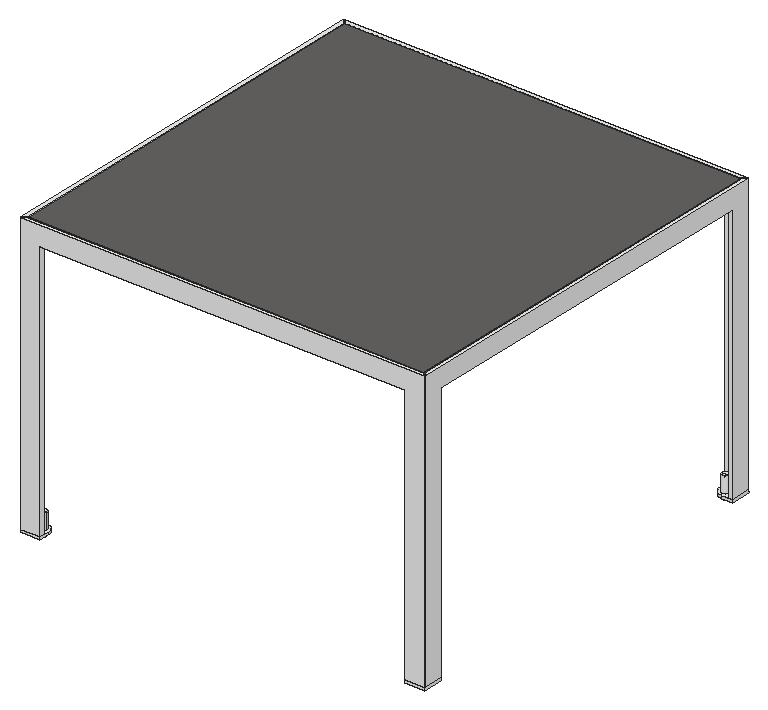
Revit family "Table-Multi_Use-Teknion-PRBK-R2014", category Furniture, Revit 2014
Parameters (values of type "(See Type Catalog)")
  Width = 3' - 5"
  Warranty = "http://www.teknionstudio.com/pdfs/Teknion%20Studio%20Warranty.pdf"
  Unit Weight = 0.00 lbf
  URL = "www.teknionstudio.com"
  Table Top Finish = Veneer - Teknion - P7 - Grey Oak
  Series = "B&B Italia"
  Product Page URL = "http://www.teknionstudio.com/progetto1/"
  Product Line = "Progetto"
  Product Documentation Link = "http://www.teknionstudio.com/pricing/progetto_ppg.pdf"
  Part Number = "PRBK"
  Model = ""
  Manufacturer Phone = "919-464-2920"
  Manufacturer Fax = "919-464-2927"
  Manufacturer Email = "customersupport@teknionstudio.com"
  Manufacturer Address = "3941 US 70 Business HWY West, Clayton, NC 27520"
  Manufacturer = "StudioTK"  # constant formula
  Low Emitting Material = yes
  Low Emitting Finish = yes
  Interior Frame Finish = none
  Height = 2' - 5"
  Foot Offset = if(Adjustable Foot, 0' 0 5/8", 0' 0 1/4")  # 0' - 0 5/8"
  Fixed Foot = not(Adjustable Foot)  # no
  Exterior Frame Finish = Metal - Teknion - C6 - Chrome
  Description = ""
  Depth = 3' - 5"
  Assembly Code = "E2020200"
  Adjustable Foot = yes
Reference planes (in)
  plane 1 "Center F/B": y = 0
  plane 2: z = 0
  plane 3 "Center L/R": x = 0
  plane 4 "Left": x = -20.5
  plane 5 "Right": x = 20.5
  plane 6 "Back": y = 20.5
  plane 7 "Front": y = -20.5
  plane 8 "Top": z = 28.93719
  plane 9: z = 0.625
  plane 10 "Revolve Front": y = -19.22842
  plane 11 "Revolve Back": y = 19.22842
Forms (in)
  Sweep 1, solid, material "Veneer - Teknion - P7 - Grey Oak" <- "Table Top Finish"
    path origin (0, 0, 28.93719) x (-1, 0, 0) y (0, -1, 0)
      loop
        line (20.09858, 0) -> (-20.09858, 0)
    profile origin (0, 0, 28.93719) x (0, 1, 0) y (0, 0, 1)
      loop
        line (20.09858, 0) -> (-20.09858, 0) -> (-20.09858, -0.40625) -> (20.09858, -0.40625) -> (20.09858, 0)
  Sweep 2, solid, material "Metal - Teknion - C6 - Chrome" <- "Exterior Frame Finish"
    path origin (0, 0, 0) x (1, 0, 0) y (0, 0, 1)
      loop
        line (0, 28.93719) -> (0, 0.625)
    profile origin (0, 0, 14.7811) x (0, -1, 0) y (1, 0, 0)
      loop
        line (-18.47933, -20.09858) -> (-20.0003, -20.09858) -> (-20.40171, -20.5) -> (-18.47933, -20.5) -> (-18.47933, -20.09858)
      loop
        line (-20.09858, -20.0003) -> (-20.09858, -18.47933) -> (-20.5, -18.47933) -> (-20.5, -20.40171) -> (-20.09858, -20.0003)
      loop
        line (-18.47933, 20.09858) -> (-18.47933, 20.5) -> (-20.40171, 20.5) -> (-20.0003, 20.09858) -> (-18.47933, 20.09858)
      loop
        line (-20.09858, 20.0003) -> (-20.5, 20.40171) -> (-20.5, 18.47933) -> (-20.09858, 18.47933) -> (-20.09858, 20.0003)
      loop
        line (18.47933, 20.09858) -> (20.0003, 20.09858) -> (20.40171, 20.5) -> (18.47933, 20.5) -> (18.47933, 20.09858)
      loop
        line (20.09858, 20.0003) -> (20.09858, 18.47933) -> (20.5, 18.47933) -> (20.5, 20.40171) -> (20.09858, 20.0003)
      loop
        line (18.47933, -20.09858) -> (18.47933, -20.5) -> (20.40171, -20.5) -> (20.0003, -20.09858) -> (18.47933, -20.09858)
      loop
        line (20.09858, -20.0003) -> (20.5, -20.40171) -> (20.5, -18.47933) -> (20.09858, -18.47933) -> (20.09858, -20.0003)
  Sweep 3, solid, material "Metal - Teknion - C6 - Chrome" <- "Exterior Frame Finish"
    path origin (0, 0, 28.93719) x (-1, 0, 0) y (0, -1, 0)
      loop
        line (0, 18.47933) -> (0, -18.47933)
    profile origin (0, 0, 28.93719) x (-1, 0, 0) y (0, 0, 1)
      loop
        line (20.5, 0) -> (20.09858, 0) -> (20.09858, -1.9685) -> (20.5, -1.9685) -> (20.5, 0)
      loop
        line (-20.5, 0) -> (-20.5, -1.9685) -> (-20.09858, -1.9685) -> (-20.09858, 0) -> (-20.5, 0)
  Sweep 4, solid, material "Metal - Teknion - C6 - Chrome" <- "Exterior Frame Finish", visible <- "Adjustable Foot"
    path origin (0, 0, 0) x (1, 0, 0) y (0, 0, 1)
      loop
        line (0, 0.376) -> (0, 0.625)
    profile origin (0, 0, 0.5005) x (-1, 0, 0) y (0, -1, 0)
      loop
        line (20.5, -20.5) -> (20.5, -18.47933) -> (19.47933, -18.47933)
        arc (19.47933, -18.47933) -> (18.77222, -18.77222) -> (18.47933, -19.47933) r 1
        line (18.47933, -19.47933) -> (18.47933, -20.5) -> (20.5, -20.5)
      loop
        line (-20.5, -20.5) -> (-18.47933, -20.5) -> (-18.47933, -19.47933)
        arc (-18.47933, -19.47933) -> (-18.77222, -18.77222) -> (-19.47933, -18.47933) r 1
        line (-19.47933, -18.47933) -> (-20.5, -18.47933) -> (-20.5, -20.5)
      loop
        line (-20.5, 20.5) -> (-20.5, 18.47933) -> (-19.47933, 18.47933)
        arc (-19.47933, 18.47933) -> (-18.77222, 18.77222) -> (-18.47933, 19.47933) r 1
        line (-18.47933, 19.47933) -> (-18.47933, 20.5) -> (-20.5, 20.5)
      loop
        line (20.5, 20.5) -> (18.47933, 20.5) -> (18.47933, 19.47933)
        arc (18.47933, 19.47933) -> (18.77222, 18.77222) -> (19.47933, 18.47933) r 1
        line (19.47933, 18.47933) -> (20.5, 18.47933) -> (20.5, 20.5)
  Revolve 5, solid, material "Metal - Teknion - C6 - Chrome" <- "Exterior Frame Finish", visible <- "Adjustable Foot"
    sketch origin (0, -19.22842, 0) x (1, 0, 0) y (0, 0, 1)
      loop
        line (-18.85433, 2.17054) -> (-19.22933, 2.17054) -> (-19.22933, 0) -> (-18.91683, 0) -> (-18.91683, 0.126) -> (-18.85433, 0.126) -> (-18.85433, 2.17054)
      axis (-19.22933, 0) -> (-19.22933, 2.17054)
    angle from 0 to 360
  Sweep 6, solid, material "Metal - Teknion - C6 - Chrome" <- "Exterior Frame Finish", visible <- "Fixed Foot"
    path origin (0, -19.22842, 0) x (1, 0, 0) y (0, 0, 1)
      loop
        line (0, 0.376) -> (0, 0.625)
    profile origin (0, -19.22842, 0.5005) x (-1, 0, 0) y (0, -1, 0)
      loop
        line (18.47933, -39.32701) -> (18.47933, -39.72842) -> (20.5, -39.72842) -> (20.5, -37.70775) -> (20.09858, -37.70775) -> (20.09858, -39.32701) -> (18.47933, -39.32701)
      loop
        line (-18.47933, -39.72842) -> (-18.47933, -39.32701) -> (-20.09858, -39.32701) -> (-20.09858, -37.70775) -> (-20.5, -37.70775) -> (-20.5, -39.72842) -> (-18.47933, -39.72842)
      loop
        line (-20.5, -0.74909) -> (-20.09858, -0.74909) -> (-20.09858, 0.87016) -> (-18.47933, 0.87016) -> (-18.47933, 1.27158) -> (-20.5, 1.27158) -> (-20.5, -0.74909)
      loop
        line (18.47933, 1.27158) -> (18.47933, 0.87016) -> (20.09858, 0.87016) -> (20.09858, -0.74909) -> (20.5, -0.74909) -> (20.5, 1.27158) -> (18.47933, 1.27158)
  Sweep 7, solid, material <- "Interior Frame Finish"
    path origin (0, 0, 28.93719) x (-1, 0, 0) y (0, -1, 0)
      loop
        line (20.09858, -20.09858) -> (20.09858, 20.09858) -> (-20.09858, 20.09858) -> (-20.09858, -20.09858) -> (20.09858, -20.09858)
    profile origin (-20.09858, 0, 28.93719) x (-1, 0, 0) y (0, 0, 1)
      loop
        line (-0.40142, -1.9685) -> (0, -1.9685) -> (0, -0.40625) -> (-0.40142, -0.40625) -> (-0.40142, -1.9685)
  Sweep 8, solid, material "Metal - Teknion - C6 - Chrome" <- "Exterior Frame Finish"
    path origin (0, 0, 28.93719) x (0, 1, 0) y (-1, 0, 0)
      loop
        line (0, 18.47933) -> (0, -18.47933)
    profile origin (0, 0, 28.93719) x (0, 1, 0) y (0, 0, 1)
      loop
        line (20.5, 0) -> (20.09858, 0) -> (20.09858, -1.9685) -> (20.5, -1.9685) -> (20.5, 0)
      loop
        line (-20.5, 0) -> (-20.5, -1.9685) -> (-20.09858, -1.9685) -> (-20.09858, 0) -> (-20.5, 0)
  Revolve 9, solid, material "Metal - Teknion - C6 - Chrome" <- "Exterior Frame Finish", visible <- "Adjustable Foot"
    sketch origin (0, -19.22842, 0) x (-1, 0, 0) y (0, 0, 1)
      loop
        line (-18.85433, 2.17054) -> (-19.22933, 2.17054) -> (-19.22933, 0) -> (-18.91683, 0) -> (-18.91683, 0.126) -> (-18.85433, 0.126) -> (-18.85433, 2.17054)
      axis (-19.22933, 0) -> (-19.22933, 2.17054)
    angle from 0 to 360
  Revolve 10, solid, material "Metal - Teknion - C6 - Chrome" <- "Exterior Frame Finish", visible <- "Adjustable Foot"
    sketch origin (0, 19.22842, 0) x (1, 0, 0) y (0, 0, 1)
      loop
        line (-18.85433, 2.17054) -> (-19.22933, 2.17054) -> (-19.22933, 0) -> (-18.91683, 0) -> (-18.91683, 0.126) -> (-18.85433, 0.126) -> (-18.85433, 2.17054)
      axis (-19.22933, 0) -> (-19.22933, 2.17054)
    angle from 0 to 360
  Revolve 11, solid, material "Metal - Teknion - C6 - Chrome" <- "Exterior Frame Finish", visible <- "Adjustable Foot"
    sketch origin (0, 19.22842, 0) x (1, 0, 0) y (0, 0, 1)
      loop
        line (18.85433, 2.17054) -> (18.85433, 0.126) -> (18.91683, 0.126) -> (18.91683, 0) -> (19.22933, 0) -> (19.22933, 2.17054) -> (18.85433, 2.17054)
      axis (19.22933, 0) -> (19.22933, 2.17054)
    angle from 0 to 360
Cuts and joins
  joined: Sweep 4, Revolve 5, Revolve 9, Revolve 10, Revolve 11
  joined: Sweep 2, Sweep 3, Sweep 8
Lines and regions (in)
  Masking region 1
    outline origin (0, 0, 28.93719) x (-1, 0, 0) y (0, -1, 0)
      loop
        line (20.5, -20.5) -> (20.5, 20.5) -> (-20.5, 20.5) -> (-20.5, -20.5) -> (20.5, -20.5)
  symbolic lines, detail levels medium+fine
    curve 1: line (-20.09858, 20.09858, 28.93719) -> (-20.09858, -20.09858, 28.93719)
    curve 2: line (-20.09858, -20.09858, 28.93719) -> (20.09858, -20.09858, 28.93719)
    curve 3: line (20.09858, -20.09858, 28.93719) -> (20.09858, 20.09858, 28.93719)
    curve 4: line (20.09858, 20.09858, 28.93719) -> (-20.09858, 20.09858, 28.93719)
  symbolic lines, style "FurnitureHiddenLines", detail levels fine
    curve 5: line (-19.69717, 19.69717, 28.93719) -> (19.69717, 19.69717, 28.93719)
    curve 6: line (-19.69717, -19.69717, 28.93719) -> (-19.69717, 19.69717, 28.93719)
    curve 7: line (19.69717, -19.69717, 28.93719) -> (-19.69717, -19.69717, 28.93719)
    curve 8: line (19.69717, 19.69717, 28.93719) -> (19.69717, -19.69717, 28.93719)
Dimensions and locks (in)
  equal spacing: plane 4 "Left", plane 3 "Center L/R", plane 5 "Right"
  equal spacing: plane 6 "Back", plane 1 "Center F/B", plane 7 "Front"
  locked: Sweep 1 sketch curve to plane 5 "Right" at 0.40142
  locked: plane 4 "Left" to Sweep 1 sketch curve at 0.40142
  locked: plane 8 "Top" to Sweep 1 sketch curve at 0.40625
  locked: plane 6 "Back" to Sweep 1 sketch curve at 0.40142
  locked: Sweep 1 sketch curve to plane 7 "Front" at 0.40142
  locked: plane 4 "Left" to Sweep 2 sketch curve at 2.02067  (x2)
  locked: Sweep 2 sketch curve to plane 7 "Front" at 2.02067
  locked: plane 4 "Left" to Sweep 2 sketch curve at 0.40142  (x2)
  locked: plane 7 "Front" to Sweep 2 sketch curve at 0.40142
  locked: Sweep 2 sketch curve to plane 7 "Front" at 0.40142
  locked: Sweep 2 sketch curve to plane 5 "Right" at 0.40142  (x2)
  locked: plane 7 "Front" to Sweep 2 sketch curve at 2.02067
  locked: Sweep 2 sketch curve to plane 5 "Right" at 2.02067  (x2)
  locked: plane 9 to Sweep 4 sketch curve at 0.249
  "Width": plane 4 "Left" to plane 5 "Right"
  "Depth": plane 6 "Back" to plane 7 "Front"
  locked: plane 4 "Left" to Sweep 4 sketch curve at 1.02067  (x2)
  locked: plane 6 "Back" to Sweep 4 sketch curve at 1.02067  (x2)
  locked: Sweep 4 sketch curve to plane 5 "Right" at 1.02067  (x2)
  locked: plane 7 "Front" to Sweep 4 sketch curve at 1.02067  (x2)
  locked: Revolve 5 sketch curve to Revolve 5 sketch curve at 0.375
  locked: Revolve 5 sketch curve to Revolve 5 sketch curve at 0.3125
  locked: plane 6 "Back" to Sweep 2 sketch curve at 2.02067
  locked: Sweep 2 sketch curve to plane 6 "Back" at 0.40142
  locked: plane 6 "Back" to Sweep 2 sketch curve at 0.40142
  locked: Sweep 2 sketch curve to plane 6 "Back" at 2.02067
  locked: Revolve 5 sketch curve to plane 4 "Left" at 1.27067
  locked: Revolve 5 sketch curve to plane 2 at 2.17054
  locked: plane 7 "Front" to plane 10 "Revolve Front" at 1.27158
  locked: plane 6 "Back" to plane 11 "Revolve Back" at 1.27158
  locked: plane 9 to Sweep 6 sketch curve at 0.249
  "Foot Offset": plane 9 to plane 2
  locked: plane 4 "Left" to Sweep 7 sketch curve at 0.40142
  locked: Sweep 7 sketch curve to plane 5 "Right" at 0.40142
  locked: Sweep 7 sketch curve to plane 6 "Back" at 0.40142
  locked: plane 7 "Front" to Sweep 7 sketch curve at 0.40142
  locked: profile plane to Sweep 7 sketch curve at 0.40142
  locked: profile plane to Sweep 7 sketch curve at 1.9685
  locked: plane 8 "Top" to Sweep 7 sketch curve at 0.40625
  locked: plane 4 "Left" to Sweep 3 sketch curve at 0.40142
  locked: plane 8 "Top" to Sweep 3 sketch curve at 1.9685  (x2)
  locked: Sweep 3 sketch curve to plane 5 "Right" at 0.40142
  locked: plane 6 "Back" to Sweep 8 sketch curve at 0.40142
  locked: plane 8 "Top" to Sweep 8 sketch curve at 1.9685
  locked: Sweep 8 sketch curve to plane 7 "Front" at 0.40142
  locked: Sweep 8 sketch curve to plane 8 "Top" at 1.9685
  locked: plane 7 "Front" to Sweep 3 sketch curve at 2.02067
  locked: plane 6 "Back" to Sweep 3 sketch curve at 2.02067
  locked: plane 4 "Left" to Sweep 8 sketch curve at 2.02067
  locked: Sweep 8 sketch curve to plane 5 "Right" at 2.02067
  locked: Revolve 9 sketch curve to Revolve 9 sketch curve at 0.375
  locked: Revolve 9 sketch curve to Revolve 9 sketch curve at 0.3125
  locked: plane 5 "Right" to Revolve 9 sketch curve at 1.27067
  locked: Revolve 9 sketch curve to plane 2 at 2.17054
  locked: Revolve 10 sketch curve to Revolve 10 sketch curve at 0.375
  locked: Revolve 10 sketch curve to Revolve 10 sketch curve at 0.3125
  locked: Revolve 11 sketch curve to Revolve 11 sketch curve at 0.375
  locked: Revolve 11 sketch curve to Revolve 11 sketch curve at 0.3125
  locked: Revolve 10 sketch curve to plane 4 "Left" at 1.27067
  locked: Revolve 10 sketch curve to plane 2 at 2.17054
  locked: plane 5 "Right" to Revolve 11 sketch curve at 1.27067
  locked: Revolve 11 sketch curve to plane 2 at 2.17054
  locked: Sweep 2 sketch curve to Sweep 2 sketch curve at 0.139  (x4)
  locked: curve 8 to plane 5 "Right" at 0.80283
  locked: plane 4 "Left" to curve 6 at 0.80283
  locked: plane 7 "Front" to curve 7 at 0.80283
  locked: plane 6 "Back" to curve 5 at 0.80283
  locked: Revolve 5 sketch curve to plane 2 at 0.126
  locked: Revolve 10 sketch curve to plane 2 at 0.126
  locked: Revolve 9 sketch curve to plane 2 at 0.126
  locked: Revolve 11 sketch curve to plane 2 at 0.126
  aligned and locked: level to plane 2
  aligned and locked: plane 1 "Center F/B" to Sweep 1 sketch curve
  aligned and locked: Sweep 1 sketch curve to plane 8 "Top"
  aligned and locked: plane 8 "Top" to Sweep 2 sketch curve
  aligned and locked: plane 9 to Sweep 2 sketch curve
  aligned and locked: Sweep 2 sketch curve to plane 3 "Center L/R"
  aligned and locked: Sweep 2 sketch curve to plane 4 "Left"
  aligned and locked: Sweep 2 sketch curve to plane 6 "Back"
  aligned and locked: plane 6 "Back" to Sweep 2 sketch curve
  aligned and locked: Sweep 2 sketch curve to plane 5 "Right"
  aligned and locked: Sweep 2 sketch curve to plane 7 "Front"
  aligned and locked: plane 5 "Right" to Sweep 2 sketch curve
  aligned and locked: plane 4 "Left" to Sweep 2 sketch curve
  aligned and locked: plane 7 "Front" to Sweep 2 sketch curve
  aligned and locked: plane 3 "Center L/R" to Sweep 4 sketch curve
  aligned and locked: plane 9 to Sweep 4 sketch curve
  aligned and locked: Sweep 4 sketch curve to plane 4 "Left"
  aligned and locked: Sweep 4 sketch curve to plane 6 "Back"
  aligned and locked: plane 7 "Front" to Sweep 4 sketch curve
  aligned and locked: plane 4 "Left" to Sweep 4 sketch curve
  aligned and locked: plane 5 "Right" to Sweep 4 sketch curve
  aligned and locked: Sweep 4 sketch curve to plane 7 "Front"
  aligned and locked: Sweep 4 sketch curve to plane 5 "Right"
  aligned and locked: plane 6 "Back" to Sweep 4 sketch curve
  aligned and locked: Revolve 5 sketch curve to Revolve 5 sketch curve
  aligned and locked: plane 3 "Center L/R" to Sweep 6 sketch curve
  aligned and locked: plane 9 to Sweep 6 sketch curve
  aligned and locked: Sweep 6 sketch curve to Sweep 2  (x24)
  aligned and locked: profile plane to Sweep 7 sketch curve
  aligned and locked: plane 3 "Center L/R" to Sweep 3 sketch curve
  aligned and locked: plane 4 "Left" to Sweep 3 sketch curve
  aligned and locked: Sweep 3 sketch curve to plane 8 "Top"
  aligned and locked: plane 5 "Right" to Sweep 3 sketch curve
  aligned and locked: plane 8 "Top" to Sweep 3 sketch curve
  aligned and locked: plane 1 "Center F/B" to Sweep 8 sketch curve
  aligned and locked: Sweep 8 sketch curve to plane 8 "Top"  (x2)
  aligned and locked: Sweep 8 sketch curve to plane 6 "Back"
  aligned and locked: plane 7 "Front" to Sweep 8 sketch curve
  aligned and locked: Revolve 9 sketch curve to Revolve 9 sketch curve
  aligned and locked: plane 2 to Revolve 9 sketch curve
  aligned and locked: Revolve 10 sketch curve to Revolve 10 sketch curve
  aligned and locked: Revolve 11 sketch curve to Revolve 11 sketch curve
  aligned and locked: plane 2 to Revolve 11 sketch curve
  aligned and locked: Masking region 1 sketch curve to plane 4 "Left"
  aligned and locked: Masking region 1 sketch curve to plane 6 "Back"
  aligned and locked: Masking region 1 sketch curve to plane 7 "Front"
  aligned and locked: Masking region 1 sketch curve to plane 5 "Right"
  aligned and locked: curve 1 to Sweep 1
  aligned and locked: curve 2 to Sweep 1
  aligned and locked: curve 3 to Sweep 1
  aligned and locked: curve 4 to Sweep 1
  aligned and locked: Revolve 5 sketch curve to plane 2
  aligned and locked: Revolve 10 sketch curve to plane 2
Automatic sketch dimensions
  Sweep 4 sketch curve to Sweep 4 sketch curve = 0' - 1"  (x4)
  Revolve 5 sketch curve to Revolve 5 sketch curve = 0' - 0.28131"
  Revolve 5 sketch curve to Revolve 5 sketch curve = 0' - 0.04815"
  Revolve 9 sketch curve to Revolve 9 sketch curve = 0' - 0.28131"
  Revolve 9 sketch curve to Revolve 9 sketch curve = 0' - 0.04815"
  Revolve 10 sketch curve to Revolve 10 sketch curve = 0' - 0.28131"
  Revolve 10 sketch curve to Revolve 10 sketch curve = 0' - 0.04815"
  Revolve 11 sketch curve to Revolve 11 sketch curve = 0' - 0.28131"
  Revolve 11 sketch curve to Revolve 11 sketch curve = 0' - 0.04815"
  Sweep 2 sketch curve to Sweep 2 sketch curve = 0' - 0.09829"  (x8)
